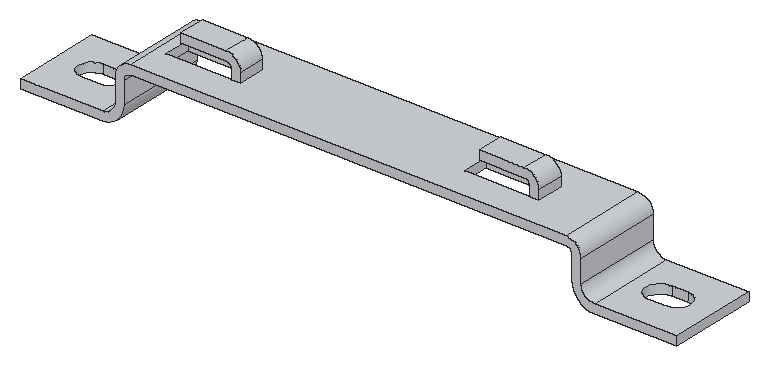
Revit family "Distanzbügel_150_FS_FT", category Generic Models, Revit 2017
Family settings
  Can host rebar = No
  Round Connector Dimension = Use Diameter
  Part Type = Normal
  Work Plane-Based = No
  Always vertical = Yes
  Cut with Voids When Loaded = No
  Shared = No
  Room Calculation Point = No
Parameters (values of type "DBLG 20 150 FS")
  Width 1 = Width / 2  # 75 mm
  Width = 150 mm
  URL = "http://www.obo-bettermann.com"
  Material = Strip-galvanised
  Manufacturer Art.No. = "6015658"
  Manufacturer = "OBO BETTERMANN"
  Length = 30 mm
  GTIN = "4012196279371"
  Cut's space = 100 mm
  Cut's number = 2
  Article Type = "DBLG 20 150 FS"
Types (3, lengths in mm): name | Material | Manufacturer Art.No. | GTIN | Article Type
  (no name) | Strip-galvanised | "6015658" | "4012196279371" | "DBLG 20 150 FS"
  DBLG 20 150 FS | Strip-galvanised | "6015658" | "4012196279371" | "DBLG 20 150 FS"
  DBLG 20 150 FT | Hot-dip galvanised | "6015660" | "4012196043088" | "DBLG 20 150 FT"
Reference planes
  plane 1 "Center (Front/Back)": y = 0
  plane 2: z = 0
  plane 3 "Center (Left/Right)": x = 0
Forms (mm)
  Extrusion 1, solid
    sketch origin (0, 0, 0) x (1, 0, 0) y (0, 0, 1)
      loop
        line (-73, 17) -> (73, 17)
        arc (73, 17) -> (74.414, 16.414) -> (75, 15) r 2
        line (75, 15) -> (75, 7.5)
        arc (75, 7.5) -> (77.197, 2.197) -> (82.5, 0) r 7.5
        line (82.5, 0) -> (110, 0) -> (110, 3) -> (82.5, 3)
        arc (82.5, 3) -> (79.318, 4.318) -> (78, 7.5) r 4.5
        line (78, 7.5) -> (78, 15)
        arc (78, 15) -> (76.536, 18.536) -> (73, 20) r 5
        line (73, 20) -> (-73, 20)
        arc (-73, 20) -> (-76.536, 18.536) -> (-78, 15) r 5
        line (-78, 15) -> (-78, 7.5)
        arc (-78, 7.5) -> (-79.318, 4.318) -> (-82.5, 3) r 4.5
        line (-82.5, 3) -> (-110, 3) -> (-110, 0) -> (-82.5, 0)
        arc (-82.5, 0) -> (-77.197, 2.197) -> (-75, 7.5) r 7.5
        line (-75, 7.5) -> (-75, 15)
        arc (-75, 15) -> (-74.414, 16.414) -> (-73, 17) r 2
    from -30 to 0
  Extrusion 2, void
    sketch origin (0, 0, 0) x (1, 0, 0) y (0, 1, 0)
      loop
        arc (92.239, 19.979) -> (87.5, 15.239) -> (92.239, 10.5) r 4.739
        line (92.239, 10.5) -> (97.761, 10.5)
        arc (97.761, 10.5) -> (102.5, 15.239) -> (97.761, 19.979) r 4.739
        line (97.761, 19.979) -> (92.239, 19.979)
    from 0 to 3
  Extrusion 3, void
    sketch origin (0, 0, 0) x (1, 0, 0) y (0, 1, 0)
      loop
        arc (-98, 19.5) -> (-102.5, 15) -> (-98, 10.5) r 4.5
        line (-98, 10.5) -> (-92.2, 10.5)
        arc (-92.2, 10.5) -> (-87.7, 15) -> (-92.2, 19.5) r 4.5
        line (-92.2, 19.5) -> (-98, 19.5)
    from 0 to 3
  Extrusion 4, void
    sketch origin (0, 0, 0) x (1, 0, 0) y (0, 1, 0)
      loop
        line (-69.5, 19.5) -> (-69.5, 10.5) -> (-47.5, 10.5) -> (-47.5, 19.5) -> (-69.5, 19.5)
    from 17 to 20
  Extrusion 5, void
    sketch origin (100, 0, 0) x (1, 0, 0) y (0, 1, 0)
      loop
        line (-69.5, 19.5) -> (-69.5, 10.5) -> (-47.5, 10.5) -> (-47.5, 19.5) -> (-69.5, 19.5)
    from 17 to 20
  Extrusion 6, solid
    sketch origin (0, 0, 0) x (1, 0, 0) y (0, 0, 1)
      loop
        line (-47.5, 20) -> (-44.5, 20) -> (-44.5, 23.004)
        arc (-44.5, 23.004) -> (-45.963, 26.537) -> (-49.496, 28) r 4.996
        line (-49.496, 28) -> (-64.494, 28) -> (-64.494, 25) -> (-49.496, 25)
        arc (-49.496, 25) -> (-48.085, 24.415) -> (-47.5, 23.004) r 1.996
        line (-47.5, 23.004) -> (-47.5, 20)
    from -19.5 to -10.5
  Extrusion 7, solid
    sketch origin (100, 0, 0) x (1, 0, 0) y (0, 0, 1)
      loop
        line (-47.5, 20) -> (-44.5, 20) -> (-44.5, 23.004)
        arc (-44.5, 23.004) -> (-45.963, 26.537) -> (-49.496, 28) r 4.996
        line (-49.496, 28) -> (-64.494, 28) -> (-64.494, 25) -> (-49.496, 25)
        arc (-49.496, 25) -> (-48.085, 24.415) -> (-47.5, 23.004) r 1.996
        line (-47.5, 23.004) -> (-47.5, 20)
    from -19.5 to -10.5
Cuts and joins
  Extrusion 2, Extrusion 3, Extrusion 4, Extrusion 5 cuts Extrusion 1
Dimensions and locks
  locked: Extrusion 1 sketch curve to Extrusion 1 sketch curve at 35  (x2)
  "Width": Extrusion 1 sketch curve to Extrusion 1 sketch curve
  "Width 1": plane 3 "Center (Left/Right)" to Extrusion 1 sketch curve
  locked: Extrusion 1 sketch curve to Extrusion 1 sketch curve at 3  (x5)
  locked: Extrusion 1 sketch curve to Extrusion 1 sketch curve at 17
  "Length": Extrusion 1 to Extrusion 1
  locked: Extrusion 1 to Extrusion 2 sketch curve at 10.5
  locked: Extrusion 2 sketch curve to Extrusion 2 sketch curve at 9.479
  locked: Extrusion 2 sketch curve to Extrusion 1 at 7.5
  locked: Extrusion 2 sketch curve to Extrusion 1 at 22.5
  locked: cut or joined group of Extrusion 1, Extrusion 2, Extrusion 3, Extrusion 4, Extrusion 5 to Extrusion 3 sketch curve at 10.5
  locked: Extrusion 3 sketch curve to Extrusion 3 sketch curve at 9
  locked: cut or joined group of Extrusion 1, Extrusion 2, Extrusion 3, Extrusion 4, Extrusion 5 to Extrusion 3 sketch curve at 7.5
  cut or joined group of Extrusion 1, Extrusion 2, Extrusion 3, Extrusion 4, Extrusion 5 to Extrusion 3 sketch curve = 22.3 mm
  locked: Extrusion 4 sketch curve to Extrusion 4 sketch curve at 9
  locked: Extrusion 4 sketch curve to Extrusion 4 sketch curve at 22
  "Width": cut or joined group of Extrusion 1, Extrusion 2, Extrusion 3, Extrusion 4, Extrusion 5 to cut or joined group of Extrusion 1, Extrusion 2, Extrusion 3, Extrusion 4, Extrusion 5
  "Width 1": plane 3 "Center (Left/Right)" to cut or joined group of Extrusion 1, Extrusion 2, Extrusion 3, Extrusion 4, Extrusion 5
  locked: Extrusion 5 sketch curve to Extrusion 5 sketch curve at 9
  locked: Extrusion 5 sketch curve to Extrusion 5 sketch curve at 22
  group 1 to group 2 = 100 mm
  group 1 to group 2 = 0 mm  (x2)
  locked: cut or joined group of Extrusion 1, Extrusion 2, Extrusion 3, Extrusion 4, Extrusion 5 to cut or joined group of Extrusion 1, Extrusion 2, Extrusion 3, Extrusion 4, Extrusion 5 at 10.5
  locked: cut or joined group of Extrusion 1, Extrusion 2, Extrusion 3, Extrusion 4, Extrusion 5 to cut or joined group of Extrusion 1, Extrusion 2, Extrusion 3, Extrusion 4, Extrusion 5 at 57.5
  locked: Extrusion 6 sketch curve to Extrusion 6 sketch curve at 19.994
  locked: Extrusion 6 sketch curve to Extrusion 6 sketch curve at 3  (x2)
  locked: Extrusion 7 sketch curve to Extrusion 7 sketch curve at 19.994
  locked: Extrusion 7 sketch curve to Extrusion 7 sketch curve at 3  (x2)
  group 3 to group 4 = 100 mm
  group 3 to group 4 = 0 mm  (x2)
  locked: Extrusion 7 to cut or joined group of Extrusion 1, Extrusion 2, Extrusion 3, Extrusion 4, Extrusion 5 at 19.5
  locked: Extrusion 7 to Extrusion 7 at 19.994
  locked: Extrusion 6 to Extrusion 6 at 19.994
  aligned and locked: level to plane 2
  aligned and locked: Extrusion 1 sketch curve to level  (x2)
  aligned and locked: plane 1 "Center (Front/Back)" to Extrusion 1
  aligned and locked: Extrusion 2 to level
  aligned and locked: Extrusion 1 to Extrusion 2
  aligned and locked: Extrusion 2 to plane 2
  aligned and locked: Extrusion 3 to level
  aligned and locked: Extrusion 1 to Extrusion 3
  aligned and locked: Extrusion 1 to Extrusion 4  (x2)
  aligned and locked: cut or joined group of Extrusion 1, Extrusion 2, Extrusion 3, Extrusion 4, Extrusion 5 to cut or joined group of Extrusion 1, Extrusion 2, Extrusion 3, Extrusion 4, Extrusion 5
  aligned and locked: Extrusion 6 to cut or joined group of Extrusion 1, Extrusion 2, Extrusion 3, Extrusion 4, Extrusion 5
  aligned and locked: cut or joined group of Extrusion 1, Extrusion 2, Extrusion 3, Extrusion 4, Extrusion 5 to Extrusion 6
Automatic sketch dimensions
  Extrusion 1 sketch curve to Extrusion 1 sketch curve = 0 mm  (x4)
  Extrusion 1 sketch curve to Extrusion 1 sketch curve = 4.5 mm  (x2)
  Extrusion 1 sketch curve to Extrusion 1 sketch curve = 2 mm  (x2)
  Extrusion 6 sketch curve to Extrusion 6 sketch curve = 1.996 mm
  Extrusion 6 sketch curve to Extrusion 6 sketch curve = 0 mm  (x3)
  Extrusion 6 sketch curve to Extrusion 6 sketch curve = 3.004 mm
  Extrusion 7 sketch curve to Extrusion 7 sketch curve = 1.996 mm
  Extrusion 7 sketch curve to Extrusion 7 sketch curve = 0 mm  (x3)
  Extrusion 7 sketch curve to Extrusion 7 sketch curve = 3.004 mm
